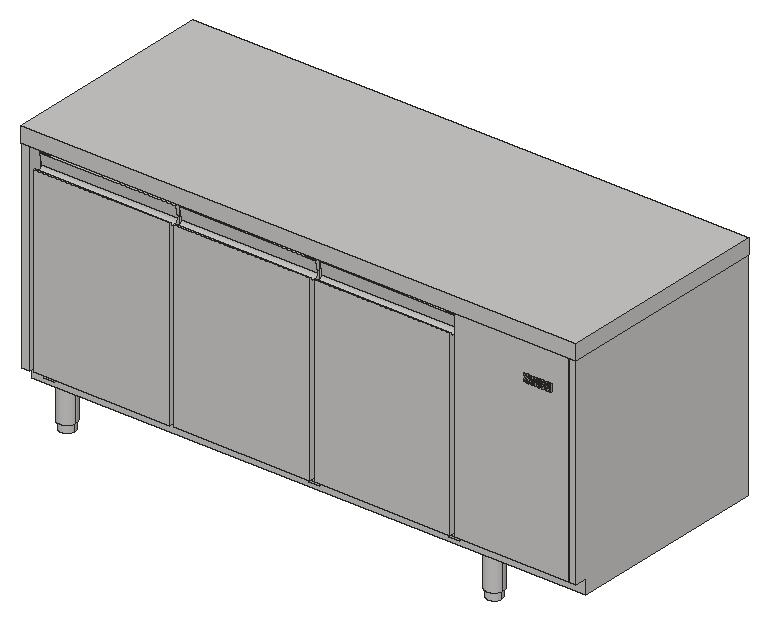
Revit family "QF_ZANUSSI_111040_ZH3HDAAA", category Specialty Equipment, Revit 2018 (continued)
Definition of nested family "ZAN_Cooling Unit"
  Lines and regions (mm)
    Split face 131
      outline origin (110.032, 2, -125.094) x (0, 0, 1) y (-1, 0, 0)
        loop
          arc (510.649, 158.547) -> (506.648, 162.548) -> (502.647, 158.547) r 4.001
          line (502.647, 158.547) -> (502.647, 116.535)
          arc (502.647, 116.535) -> (506.648, 112.533) -> (510.649, 116.535) r 4.001
          line (510.649, 116.535) -> (510.649, 158.547)
    Split face 132
      outline origin (110.032, 2, -137.098) x (0, 0, 1) y (-1, 0, 0)
        loop
          arc (510.649, 158.547) -> (506.648, 162.548) -> (502.647, 158.547) r 4.001
          line (502.647, 158.547) -> (502.647, 116.535)
          arc (502.647, 116.535) -> (506.648, 112.533) -> (510.649, 116.535) r 4.001
          line (510.649, 116.535) -> (510.649, 158.547)
    Split face 133
      outline origin (110.032, 2, -149.101) x (0, 0, 1) y (-1, 0, 0)
        loop
          arc (510.649, 158.547) -> (506.648, 162.548) -> (502.647, 158.547) r 4.001
          line (502.647, 158.547) -> (502.647, 116.535)
          arc (502.647, 116.535) -> (506.648, 112.533) -> (510.649, 116.535) r 4.001
          line (510.649, 116.535) -> (510.649, 158.547)
    Split face 134
      outline origin (110.032, 2, -161.105) x (0, 0, 1) y (-1, 0, 0)
        loop
          arc (510.649, 158.547) -> (506.648, 162.548) -> (502.647, 158.547) r 4.001
          line (502.647, 158.547) -> (502.647, 116.535)
          arc (502.647, 116.535) -> (506.648, 112.533) -> (510.649, 116.535) r 4.001
          line (510.649, 116.535) -> (510.649, 158.547)
    Split face 135
      outline origin (110.032, 2, -173.108) x (0, 0, 1) y (-1, 0, 0)
        loop
          arc (510.649, 158.547) -> (506.648, 162.548) -> (502.647, 158.547) r 4.001
          line (502.647, 158.547) -> (502.647, 116.535)
          arc (502.647, 116.535) -> (506.648, 112.533) -> (510.649, 116.535) r 4.001
          line (510.649, 116.535) -> (510.649, 158.547)
    Split face 136
      outline origin (110.032, 2, -185.112) x (0, 0, 1) y (-1, 0, 0)
        loop
          arc (510.649, 158.547) -> (506.648, 162.548) -> (502.647, 158.547) r 4.001
          line (502.647, 158.547) -> (502.647, 116.535)
          arc (502.647, 116.535) -> (506.648, 112.533) -> (510.649, 116.535) r 4.001
          line (510.649, 116.535) -> (510.649, 158.547)
    Split face 137
      outline origin (110.032, 2, -197.115) x (0, 0, 1) y (-1, 0, 0)
        loop
          arc (510.649, 158.547) -> (506.648, 162.548) -> (502.647, 158.547) r 4.001
          line (502.647, 158.547) -> (502.647, 116.535)
          arc (502.647, 116.535) -> (506.648, 112.533) -> (510.649, 116.535) r 4.001
          line (510.649, 116.535) -> (510.649, 158.547)
    Split face 138
      outline origin (110.032, 2, -209.119) x (0, 0, 1) y (-1, 0, 0)
        loop
          arc (510.649, 158.547) -> (506.648, 162.548) -> (502.647, 158.547) r 4.001
          line (502.647, 158.547) -> (502.647, 116.535)
          arc (502.647, 116.535) -> (506.648, 112.533) -> (510.649, 116.535) r 4.001
          line (510.649, 116.535) -> (510.649, 158.547)
    Split face 139
      outline origin (110.032, 2, -221.122) x (0, 0, 1) y (-1, 0, 0)
        loop
          arc (510.649, 158.547) -> (506.648, 162.548) -> (502.647, 158.547) r 4.001
          line (502.647, 158.547) -> (502.647, 116.535)
          arc (502.647, 116.535) -> (506.648, 112.533) -> (510.649, 116.535) r 4.001
          line (510.649, 116.535) -> (510.649, 158.547)
    Split face 140
      outline origin (110.032, 2, -233.126) x (0, 0, 1) y (-1, 0, 0)
        loop
          arc (510.649, 158.547) -> (506.648, 162.548) -> (502.647, 158.547) r 4.001
          line (502.647, 158.547) -> (502.647, 116.535)
          arc (502.647, 116.535) -> (506.648, 112.533) -> (510.649, 116.535) r 4.001
          line (510.649, 116.535) -> (510.649, 158.547)
    Split face 141
      outline origin (110.032, 2, -245.129) x (0, 0, 1) y (-1, 0, 0)
        loop
          arc (510.649, 158.547) -> (506.648, 162.548) -> (502.647, 158.547) r 4.001
          line (502.647, 158.547) -> (502.647, 116.535)
          arc (502.647, 116.535) -> (506.648, 112.533) -> (510.649, 116.535) r 4.001
          line (510.649, 116.535) -> (510.649, 158.547)
    Split face 142
      outline origin (110.032, 2, -257.133) x (0, 0, 1) y (-1, 0, 0)
        loop
          arc (510.649, 158.547) -> (506.648, 162.548) -> (502.647, 158.547) r 4.001
          line (502.647, 158.547) -> (502.647, 116.535)
          arc (502.647, 116.535) -> (506.648, 112.533) -> (510.649, 116.535) r 4.001
          line (510.649, 116.535) -> (510.649, 158.547)
    Split face 143
      outline origin (110.032, 2, -269.136) x (0, 0, 1) y (-1, 0, 0)
        loop
          arc (510.649, 158.547) -> (506.648, 162.548) -> (502.647, 158.547) r 4.001
          line (502.647, 158.547) -> (502.647, 116.535)
          arc (502.647, 116.535) -> (506.648, 112.533) -> (510.649, 116.535) r 4.001
          line (510.649, 116.535) -> (510.649, 158.547)
    Split face 144
      outline origin (110.032, 2, -281.14) x (0, 0, 1) y (-1, 0, 0)
        loop
          arc (510.649, 158.547) -> (506.648, 162.548) -> (502.647, 158.547) r 4.001
          line (502.647, 158.547) -> (502.647, 116.535)
          arc (502.647, 116.535) -> (506.648, 112.533) -> (510.649, 116.535) r 4.001
          line (510.649, 116.535) -> (510.649, 158.547)
    Split face 145
      outline origin (110.032, 2, -293.144) x (0, 0, 1) y (-1, 0, 0)
        loop
          arc (510.649, 158.547) -> (506.648, 162.548) -> (502.647, 158.547) r 4.001
          line (502.647, 158.547) -> (502.647, 116.535)
          arc (502.647, 116.535) -> (506.648, 112.533) -> (510.649, 116.535) r 4.001
          line (510.649, 116.535) -> (510.649, 158.547)
    Split face 146
      outline origin (165.048, 2, -113.091) x (0, 0, 1) y (-1, 0, 0)
        loop
          arc (510.649, 158.547) -> (506.648, 162.548) -> (502.647, 158.547) r 4.001
          line (502.647, 158.547) -> (502.647, 116.535)
          arc (502.647, 116.535) -> (506.648, 112.533) -> (510.649, 116.535) r 4.001
          line (510.649, 116.535) -> (510.649, 158.547)
    Split face 147
      outline origin (165.048, 2, -125.094) x (0, 0, 1) y (-1, 0, 0)
        loop
          arc (510.649, 158.547) -> (506.648, 162.548) -> (502.647, 158.547) r 4.001
          line (502.647, 158.547) -> (502.647, 116.535)
          arc (502.647, 116.535) -> (506.648, 112.533) -> (510.649, 116.535) r 4.001
          line (510.649, 116.535) -> (510.649, 158.547)
    Split face 148
      outline origin (165.048, 2, -137.098) x (0, 0, 1) y (-1, 0, 0)
        loop
          arc (510.649, 158.547) -> (506.648, 162.548) -> (502.647, 158.547) r 4.001
          line (502.647, 158.547) -> (502.647, 116.535)
          arc (502.647, 116.535) -> (506.648, 112.533) -> (510.649, 116.535) r 4.001
          line (510.649, 116.535) -> (510.649, 158.547)
    Split face 149
      outline origin (165.048, 2, -149.101) x (0, 0, 1) y (-1, 0, 0)
        loop
          arc (510.649, 158.547) -> (506.648, 162.548) -> (502.647, 158.547) r 4.001
          line (502.647, 158.547) -> (502.647, 116.535)
          arc (502.647, 116.535) -> (506.648, 112.533) -> (510.649, 116.535) r 4.001
          line (510.649, 116.535) -> (510.649, 158.547)
    Split face 150
      outline origin (165.048, 2, -161.105) x (0, 0, 1) y (-1, 0, 0)
        loop
          arc (510.649, 158.547) -> (506.648, 162.548) -> (502.647, 158.547) r 4.001
          line (502.647, 158.547) -> (502.647, 116.535)
          arc (502.647, 116.535) -> (506.648, 112.533) -> (510.649, 116.535) r 4.001
          line (510.649, 116.535) -> (510.649, 158.547)
    Split face 151
      outline origin (165.048, 2, -173.108) x (0, 0, 1) y (-1, 0, 0)
        loop
          arc (510.649, 158.547) -> (506.648, 162.548) -> (502.647, 158.547) r 4.001
          line (502.647, 158.547) -> (502.647, 116.535)
          arc (502.647, 116.535) -> (506.648, 112.533) -> (510.649, 116.535) r 4.001
          line (510.649, 116.535) -> (510.649, 158.547)
    Split face 152
      outline origin (165.048, 2, -185.112) x (0, 0, 1) y (-1, 0, 0)
        loop
          arc (510.649, 158.547) -> (506.648, 162.548) -> (502.647, 158.547) r 4.001
          line (502.647, 158.547) -> (502.647, 116.535)
          arc (502.647, 116.535) -> (506.648, 112.533) -> (510.649, 116.535) r 4.001
          line (510.649, 116.535) -> (510.649, 158.547)
    Split face 153
      outline origin (165.048, 2, -197.115) x (0, 0, 1) y (-1, 0, 0)
        loop
          arc (510.649, 158.547) -> (506.648, 162.548) -> (502.647, 158.547) r 4.001
          line (502.647, 158.547) -> (502.647, 116.535)
          arc (502.647, 116.535) -> (506.648, 112.533) -> (510.649, 116.535) r 4.001
          line (510.649, 116.535) -> (510.649, 158.547)
    Split face 154
      outline origin (165.048, 2, -209.119) x (0, 0, 1) y (-1, 0, 0)
        loop
          arc (510.649, 158.547) -> (506.648, 162.548) -> (502.647, 158.547) r 4.001
          line (502.647, 158.547) -> (502.647, 116.535)
          arc (502.647, 116.535) -> (506.648, 112.533) -> (510.649, 116.535) r 4.001
          line (510.649, 116.535) -> (510.649, 158.547)
    Split face 155
      outline origin (165.048, 2, -221.122) x (0, 0, 1) y (-1, 0, 0)
        loop
          arc (510.649, 158.547) -> (506.648, 162.548) -> (502.647, 158.547) r 4.001
          line (502.647, 158.547) -> (502.647, 116.535)
          arc (502.647, 116.535) -> (506.648, 112.533) -> (510.649, 116.535) r 4.001
          line (510.649, 116.535) -> (510.649, 158.547)
    Split face 156
      outline origin (165.048, 2, -233.126) x (0, 0, 1) y (-1, 0, 0)
        loop
          arc (510.649, 158.547) -> (506.648, 162.548) -> (502.647, 158.547) r 4.001
          line (502.647, 158.547) -> (502.647, 116.535)
          arc (502.647, 116.535) -> (506.648, 112.533) -> (510.649, 116.535) r 4.001
          line (510.649, 116.535) -> (510.649, 158.547)
    Split face 157
      outline origin (165.048, 2, -245.129) x (0, 0, 1) y (-1, 0, 0)
        loop
          arc (510.649, 158.547) -> (506.648, 162.548) -> (502.647, 158.547) r 4.001
          line (502.647, 158.547) -> (502.647, 116.535)
          arc (502.647, 116.535) -> (506.648, 112.533) -> (510.649, 116.535) r 4.001
          line (510.649, 116.535) -> (510.649, 158.547)
    Split face 158
      outline origin (165.048, 2, -257.133) x (0, 0, 1) y (-1, 0, 0)
        loop
          arc (510.649, 158.547) -> (506.648, 162.548) -> (502.647, 158.547) r 4.001
          line (502.647, 158.547) -> (502.647, 116.535)
          arc (502.647, 116.535) -> (506.648, 112.533) -> (510.649, 116.535) r 4.001
          line (510.649, 116.535) -> (510.649, 158.547)
    Split face 159
      outline origin (165.048, 2, -269.136) x (0, 0, 1) y (-1, 0, 0)
        loop
          arc (510.649, 158.547) -> (506.648, 162.548) -> (502.647, 158.547) r 4.001
          line (502.647, 158.547) -> (502.647, 116.535)
          arc (502.647, 116.535) -> (506.648, 112.533) -> (510.649, 116.535) r 4.001
          line (510.649, 116.535) -> (510.649, 158.547)
    Split face 160
      outline origin (165.048, 2, -281.14) x (0, 0, 1) y (-1, 0, 0)
        loop
          arc (510.649, 158.547) -> (506.648, 162.548) -> (502.647, 158.547) r 4.001
          line (502.647, 158.547) -> (502.647, 116.535)
          arc (502.647, 116.535) -> (506.648, 112.533) -> (510.649, 116.535) r 4.001
          line (510.649, 116.535) -> (510.649, 158.547)
    Split face 161
      outline origin (165.048, 2, -293.144) x (0, 0, 1) y (-1, 0, 0)
        loop
          arc (510.649, 158.547) -> (506.648, 162.548) -> (502.647, 158.547) r 4.001
          line (502.647, 158.547) -> (502.647, 116.535)
          arc (502.647, 116.535) -> (506.648, 112.533) -> (510.649, 116.535) r 4.001
          line (510.649, 116.535) -> (510.649, 158.547)
    Split face 162
      outline origin (220.064, 2, -113.091) x (0, 0, 1) y (-1, 0, 0)
        loop
          arc (510.649, 158.547) -> (506.648, 162.548) -> (502.647, 158.547) r 4.001
          line (502.647, 158.547) -> (502.647, 116.535)
          arc (502.647, 116.535) -> (506.648, 112.533) -> (510.649, 116.535) r 4.001
          line (510.649, 116.535) -> (510.649, 158.547)
    Split face 163
      outline origin (220.064, 2, -125.094) x (0, 0, 1) y (-1, 0, 0)
        loop
          arc (510.649, 158.547) -> (506.648, 162.548) -> (502.647, 158.547) r 4.001
          line (502.647, 158.547) -> (502.647, 116.535)
          arc (502.647, 116.535) -> (506.648, 112.533) -> (510.649, 116.535) r 4.001
          line (510.649, 116.535) -> (510.649, 158.547)
    Split face 164
      outline origin (220.064, 2, -137.098) x (0, 0, 1) y (-1, 0, 0)
        loop
          arc (510.649, 158.547) -> (506.648, 162.548) -> (502.647, 158.547) r 4.001
          line (502.647, 158.547) -> (502.647, 116.535)
          arc (502.647, 116.535) -> (506.648, 112.533) -> (510.649, 116.535) r 4.001
          line (510.649, 116.535) -> (510.649, 158.547)
    Split face 165
      outline origin (220.064, 2, -149.101) x (0, 0, 1) y (-1, 0, 0)
        loop
          arc (510.649, 158.547) -> (506.648, 162.548) -> (502.647, 158.547) r 4.001
          line (502.647, 158.547) -> (502.647, 116.535)
          arc (502.647, 116.535) -> (506.648, 112.533) -> (510.649, 116.535) r 4.001
          line (510.649, 116.535) -> (510.649, 158.547)
    Split face 166
      outline origin (220.064, 2, -161.105) x (0, 0, 1) y (-1, 0, 0)
        loop
          arc (510.649, 158.547) -> (506.648, 162.548) -> (502.647, 158.547) r 4.001
          line (502.647, 158.547) -> (502.647, 116.535)
          arc (502.647, 116.535) -> (506.648, 112.533) -> (510.649, 116.535) r 4.001
          line (510.649, 116.535) -> (510.649, 158.547)
    Split face 167
      outline origin (220.064, 2, -173.108) x (0, 0, 1) y (-1, 0, 0)
        loop
          arc (510.649, 158.547) -> (506.648, 162.548) -> (502.647, 158.547) r 4.001
          line (502.647, 158.547) -> (502.647, 116.535)
          arc (502.647, 116.535) -> (506.648, 112.533) -> (510.649, 116.535) r 4.001
          line (510.649, 116.535) -> (510.649, 158.547)
    Split face 168
      outline origin (220.064, 2, -185.112) x (0, 0, 1) y (-1, 0, 0)
        loop
          arc (510.649, 158.547) -> (506.648, 162.548) -> (502.647, 158.547) r 4.001
          line (502.647, 158.547) -> (502.647, 116.535)
          arc (502.647, 116.535) -> (506.648, 112.533) -> (510.649, 116.535) r 4.001
          line (510.649, 116.535) -> (510.649, 158.547)
    Split face 169
      outline origin (220.064, 2, -197.115) x (0, 0, 1) y (-1, 0, 0)
        loop
          arc (510.649, 158.547) -> (506.648, 162.548) -> (502.647, 158.547) r 4.001
          line (502.647, 158.547) -> (502.647, 116.535)
          arc (502.647, 116.535) -> (506.648, 112.533) -> (510.649, 116.535) r 4.001
          line (510.649, 116.535) -> (510.649, 158.547)
    Split face 170
      outline origin (220.064, 2, -209.119) x (0, 0, 1) y (-1, 0, 0)
        loop
          arc (510.649, 158.547) -> (506.648, 162.548) -> (502.647, 158.547) r 4.001
          line (502.647, 158.547) -> (502.647, 116.535)
          arc (502.647, 116.535) -> (506.648, 112.533) -> (510.649, 116.535) r 4.001
          line (510.649, 116.535) -> (510.649, 158.547)
    Split face 171
      outline origin (220.064, 2, -221.122) x (0, 0, 1) y (-1, 0, 0)
        loop
          arc (510.649, 158.547) -> (506.648, 162.548) -> (502.647, 158.547) r 4.001
          line (502.647, 158.547) -> (502.647, 116.535)
          arc (502.647, 116.535) -> (506.648, 112.533) -> (510.649, 116.535) r 4.001
          line (510.649, 116.535) -> (510.649, 158.547)
    Split face 172
      outline origin (220.064, 2, -233.126) x (0, 0, 1) y (-1, 0, 0)
        loop
          arc (510.649, 158.547) -> (506.648, 162.548) -> (502.647, 158.547) r 4.001
          line (502.647, 158.547) -> (502.647, 116.535)
          arc (502.647, 116.535) -> (506.648, 112.533) -> (510.649, 116.535) r 4.001
          line (510.649, 116.535) -> (510.649, 158.547)
    Split face 173
      outline origin (220.064, 2, -245.129) x (0, 0, 1) y (-1, 0, 0)
        loop
          arc (510.649, 158.547) -> (506.648, 162.548) -> (502.647, 158.547) r 4.001
          line (502.647, 158.547) -> (502.647, 116.535)
          arc (502.647, 116.535) -> (506.648, 112.533) -> (510.649, 116.535) r 4.001
          line (510.649, 116.535) -> (510.649, 158.547)
    Split face 174
      outline origin (220.064, 2, -257.133) x (0, 0, 1) y (-1, 0, 0)
        loop
          arc (510.649, 158.547) -> (506.648, 162.548) -> (502.647, 158.547) r 4.001
          line (502.647, 158.547) -> (502.647, 116.535)
          arc (502.647, 116.535) -> (506.648, 112.533) -> (510.649, 116.535) r 4.001
          line (510.649, 116.535) -> (510.649, 158.547)
    Split face 175
      outline origin (220.064, 2, -269.136) x (0, 0, 1) y (-1, 0, 0)
        loop
          arc (510.649, 158.547) -> (506.648, 162.548) -> (502.647, 158.547) r 4.001
          line (502.647, 158.547) -> (502.647, 116.535)
          arc (502.647, 116.535) -> (506.648, 112.533) -> (510.649, 116.535) r 4.001
          line (510.649, 116.535) -> (510.649, 158.547)
    Split face 176
      outline origin (220.064, 2, -281.14) x (0, 0, 1) y (-1, 0, 0)
        loop
          arc (510.649, 158.547) -> (506.648, 162.548) -> (502.647, 158.547) r 4.001
          line (502.647, 158.547) -> (502.647, 116.535)
          arc (502.647, 116.535) -> (506.648, 112.533) -> (510.649, 116.535) r 4.001
          line (510.649, 116.535) -> (510.649, 158.547)
    Split face 177
      outline origin (220.064, 2, -293.144) x (0, 0, 1) y (-1, 0, 0)
        loop
          arc (510.649, 158.547) -> (506.648, 162.548) -> (502.647, 158.547) r 4.001
          line (502.647, 158.547) -> (502.647, 116.535)
          arc (502.647, 116.535) -> (506.648, 112.533) -> (510.649, 116.535) r 4.001
          line (510.649, 116.535) -> (510.649, 158.547)
    Split face 178
      outline origin (275.081, 2, -113.091) x (0, 0, 1) y (-1, 0, 0)
        loop
          arc (510.649, 158.547) -> (506.648, 162.548) -> (502.647, 158.547) r 4.001
          line (502.647, 158.547) -> (502.647, 116.535)
          arc (502.647, 116.535) -> (506.648, 112.533) -> (510.649, 116.535) r 4.001
          line (510.649, 116.535) -> (510.649, 158.547)
    Split face 179
      outline origin (275.081, 2, -125.094) x (0, 0, 1) y (-1, 0, 0)
        loop
          arc (510.649, 158.547) -> (506.648, 162.548) -> (502.647, 158.547) r 4.001
          line (502.647, 158.547) -> (502.647, 116.535)
          arc (502.647, 116.535) -> (506.648, 112.533) -> (510.649, 116.535) r 4.001
          line (510.649, 116.535) -> (510.649, 158.547)
    Split face 180
      outline origin (275.081, 2, -137.098) x (0, 0, 1) y (-1, 0, 0)
        loop
          arc (510.649, 158.547) -> (506.648, 162.548) -> (502.647, 158.547) r 4.001
          line (502.647, 158.547) -> (502.647, 116.535)
          arc (502.647, 116.535) -> (506.648, 112.533) -> (510.649, 116.535) r 4.001
          line (510.649, 116.535) -> (510.649, 158.547)
    Split face 181
      outline origin (275.081, 2, -149.101) x (0, 0, 1) y (-1, 0, 0)
        loop
          arc (510.649, 158.547) -> (506.648, 162.548) -> (502.647, 158.547) r 4.001
          line (502.647, 158.547) -> (502.647, 116.535)
          arc (502.647, 116.535) -> (506.648, 112.533) -> (510.649, 116.535) r 4.001
          line (510.649, 116.535) -> (510.649, 158.547)
    Split face 182
      outline origin (275.081, 2, -161.105) x (0, 0, 1) y (-1, 0, 0)
        loop
          arc (510.649, 158.547) -> (506.648, 162.548) -> (502.647, 158.547) r 4.001
          line (502.647, 158.547) -> (502.647, 116.535)
          arc (502.647, 116.535) -> (506.648, 112.533) -> (510.649, 116.535) r 4.001
          line (510.649, 116.535) -> (510.649, 158.547)
    Split face 183
      outline origin (275.081, 2, -173.108) x (0, 0, 1) y (-1, 0, 0)
        loop
          arc (510.649, 158.547) -> (506.648, 162.548) -> (502.647, 158.547) r 4.001
          line (502.647, 158.547) -> (502.647, 116.535)
          arc (502.647, 116.535) -> (506.648, 112.533) -> (510.649, 116.535) r 4.001
          line (510.649, 116.535) -> (510.649, 158.547)
    Split face 184
      outline origin (275.081, 2, -185.112) x (0, 0, 1) y (-1, 0, 0)
        loop
          arc (510.649, 158.547) -> (506.648, 162.548) -> (502.647, 158.547) r 4.001
          line (502.647, 158.547) -> (502.647, 116.535)
          arc (502.647, 116.535) -> (506.648, 112.533) -> (510.649, 116.535) r 4.001
          line (510.649, 116.535) -> (510.649, 158.547)
    Split face 185
      outline origin (275.081, 2, -197.115) x (0, 0, 1) y (-1, 0, 0)
        loop
          arc (510.649, 158.547) -> (506.648, 162.548) -> (502.647, 158.547) r 4.001
          line (502.647, 158.547) -> (502.647, 116.535)
          arc (502.647, 116.535) -> (506.648, 112.533) -> (510.649, 116.535) r 4.001
          line (510.649, 116.535) -> (510.649, 158.547)
    Split face 186
      outline origin (275.081, 2, -209.119) x (0, 0, 1) y (-1, 0, 0)
        loop
          arc (510.649, 158.547) -> (506.648, 162.548) -> (502.647, 158.547) r 4.001
          line (502.647, 158.547) -> (502.647, 116.535)
          arc (502.647, 116.535) -> (506.648, 112.533) -> (510.649, 116.535) r 4.001
          line (510.649, 116.535) -> (510.649, 158.547)
    Split face 187
      outline origin (275.081, 2, -221.122) x (0, 0, 1) y (-1, 0, 0)
        loop
          arc (510.649, 158.547) -> (506.648, 162.548) -> (502.647, 158.547) r 4.001
          line (502.647, 158.547) -> (502.647, 116.535)
          arc (502.647, 116.535) -> (506.648, 112.533) -> (510.649, 116.535) r 4.001
          line (510.649, 116.535) -> (510.649, 158.547)
    Split face 188
      outline origin (275.081, 2, -233.126) x (0, 0, 1) y (-1, 0, 0)
        loop
          arc (510.649, 158.547) -> (506.648, 162.548) -> (502.647, 158.547) r 4.001
          line (502.647, 158.547) -> (502.647, 116.535)
          arc (502.647, 116.535) -> (506.648, 112.533) -> (510.649, 116.535) r 4.001
          line (510.649, 116.535) -> (510.649, 158.547)
    Split face 189
      outline origin (275.081, 2, -245.129) x (0, 0, 1) y (-1, 0, 0)
        loop
          arc (510.649, 158.547) -> (506.648, 162.548) -> (502.647, 158.547) r 4.001
          line (502.647, 158.547) -> (502.647, 116.535)
          arc (502.647, 116.535) -> (506.648, 112.533) -> (510.649, 116.535) r 4.001
          line (510.649, 116.535) -> (510.649, 158.547)
    Split face 190
      outline origin (275.081, 2, -257.133) x (0, 0, 1) y (-1, 0, 0)
        loop
          arc (510.649, 158.547) -> (506.648, 162.548) -> (502.647, 158.547) r 4.001
          line (502.647, 158.547) -> (502.647, 116.535)
          arc (502.647, 116.535) -> (506.648, 112.533) -> (510.649, 116.535) r 4.001
          line (510.649, 116.535) -> (510.649, 158.547)
    Split face 191
      outline origin (275.081, 2, -269.136) x (0, 0, 1) y (-1, 0, 0)
        loop
          arc (510.649, 158.547) -> (506.648, 162.548) -> (502.647, 158.547) r 4.001
          line (502.647, 158.547) -> (502.647, 116.535)
          arc (502.647, 116.535) -> (506.648, 112.533) -> (510.649, 116.535) r 4.001
          line (510.649, 116.535) -> (510.649, 158.547)
    Split face 192
      outline origin (275.081, 2, -281.14) x (0, 0, 1) y (-1, 0, 0)
        loop
          arc (510.649, 158.547) -> (506.648, 162.548) -> (502.647, 158.547) r 4.001
          line (502.647, 158.547) -> (502.647, 116.535)
          arc (502.647, 116.535) -> (506.648, 112.533) -> (510.649, 116.535) r 4.001
          line (510.649, 116.535) -> (510.649, 158.547)
    Split face 193
      outline origin (275.081, 2, -293.144) x (0, 0, 1) y (-1, 0, 0)
        loop
          arc (510.649, 158.547) -> (506.648, 162.548) -> (502.647, 158.547) r 4.001
          line (502.647, 158.547) -> (502.647, 116.535)
          arc (502.647, 116.535) -> (506.648, 112.533) -> (510.649, 116.535) r 4.001
          line (510.649, 116.535) -> (510.649, 158.547)
    Split face 194
      outline origin (0, 2, 197) x (0, 0, 1) y (-1, 0, 0)
        loop
          spline (566.835, 20.381) -> (564.628, 19.058) -> (561.987, 18.027) -> (558.955, 17.386) -> (555.581, 17.244) -> (551.912, 17.703) -> (547.993, 18.863) -> (543.871, 20.83) -> (539.591, 23.706) -> (535.202, 27.594) -> (530.748, 32.597) -> (526.28, 38.824) -> (521.835, 46.362)
        loop
          spline (521.835, 58.392) -> (525.386, 49.242) -> (529.197, 41.481) -> (533.2, 35.023) -> (537.329, 29.786) -> (541.516, 25.684) -> (545.695, 22.634) -> (549.798, 20.552) -> (553.759, 19.355) -> (557.511, 18.958) -> (560.984, 19.275) -> (564.115, 20.227) -> (566.835, 21.726)
    Split face 195
      outline origin (0, 2, 197) x (0, 0, 1) y (-1, 0, 0)
        loop
          line (555.835, 149.5) -> (532.835, 149.5) -> (532.835, 94.5) -> (555.835, 94.5) -> (555.835, 149.5)
  Dimensions and locks
    aligned and locked: level to plane 2
  Nested families
    nested 1: "ZAN_Logo_S_Grey" at (85, 2, 741.213) x (1, 0, 0) z (0, -1, 0), visible <- "Show Logo", type "ZAN_Logo_S_Grey"
  Definition of nested family "ZAN_Logo_S_Grey"
    Parameters
      Default Elevation = 0 mm
    Reference planes
      plane 1 "Centro (Fronte/Retro)": y = 0
      plane 2: z = 0
      plane 3 "Centro (Sinistra/Destra)": x = 0
    Forms (mm)
      Extrusion 1, solid
        sketch origin (0, 0, 0) x (1, 0, 0) y (0, 1, 0)
          loop
            line (-1219.2, 1219.2) -> (-1219.2, -1219.2) -> (1219.2, -1219.2) -> (1219.2, 1219.2) -> (-1219.2, 1219.2)
        from 0 to -304.8
      Extrusion 2, solid
        sketch origin (17.793, -46.218, 0) x (-1, 0, 0) y (0, -1, 0)
          loop
            spline (-4.176, -58.079) -> (-3.496, -58.328) -> (-2.793, -58.512) -> (-2.075, -58.63) -> (-1.348, -58.682) -> (-0.619, -58.669) -> (0.106, -58.588) -> (0.818, -58.44) -> (1.512, -58.225) -> (2.18, -57.941) -> (2.817, -57.589) -> (3.414, -57.167) -> (3.966, -56.676)
            spline (3.966, -56.676) -> (4.293, -56.162) -> (4.575, -55.61) -> (4.81, -55.026) -> (5, -54.419) -> (5.146, -53.797) -> (5.247, -53.166) -> (5.304, -52.536) -> (5.318, -51.913) -> (5.288, -51.306) -> (5.217, -50.723) -> (5.103, -50.17) -> (4.949, -49.657)
            line (4.949, -49.657) -> (2.702, -46.428) -> (0.316, -44.323)
            spline (0.316, -44.323) -> (0.065, -44.115) -> (-0.195, -43.909) -> (-0.46, -43.704) -> (-0.729, -43.496) -> (-0.997, -43.282) -> (-1.263, -43.059) -> (-1.523, -42.825) -> (-1.774, -42.576) -> (-2.013, -42.309) -> (-2.238, -42.022) -> (-2.445, -41.712) -> (-2.632, -41.375)
            spline (-2.632, -41.375) -> (-2.666, -41.159) -> (-2.697, -40.934) -> (-2.722, -40.701) -> (-2.736, -40.465) -> (-2.736, -40.227) -> (-2.72, -39.989) -> (-2.682, -39.754) -> (-2.621, -39.524) -> (-2.533, -39.302) -> (-2.414, -39.091) -> (-2.261, -38.892) -> (-2.07, -38.708)
            line (-2.07, -38.708) -> (-0.245, -38.567)
            spline (-0.245, -38.567) -> (0.096, -38.8) -> (0.354, -39.074) -> (0.54, -39.381) -> (0.664, -39.716) -> (0.738, -40.073) -> (0.772, -40.445) -> (0.777, -40.825) -> (0.763, -41.208) -> (0.742, -41.588) -> (0.723, -41.957) -> (0.718, -42.309) -> (0.737, -42.638)
            line (0.737, -42.638) -> (5.65, -42.638)
            spline (5.65, -42.638) -> (5.708, -42.042) -> (5.741, -41.448) -> (5.747, -40.857) -> (5.723, -40.273) -> (5.668, -39.696) -> (5.58, -39.129) -> (5.457, -38.574) -> (5.297, -38.032) -> (5.098, -37.506) -> (4.857, -36.997) -> (4.574, -36.508) -> (4.247, -36.041)
            spline (4.247, -36.041) -> (3.844, -35.675) -> (3.409, -35.35) -> (2.946, -35.065) -> (2.458, -34.819) -> (1.949, -34.612) -> (1.421, -34.444) -> (0.88, -34.314) -> (0.326, -34.221) -> (-0.234, -34.165) -> (-0.8, -34.146) -> (-1.366, -34.163) -> (-1.93, -34.216)
            spline (-1.93, -34.216) -> (-2.526, -34.309) -> (-3.116, -34.448) -> (-3.695, -34.633) -> (-4.259, -34.861) -> (-4.801, -35.131) -> (-5.316, -35.444) -> (-5.799, -35.798) -> (-6.245, -36.191) -> (-6.648, -36.624) -> (-7.002, -37.095) -> (-7.303, -37.603) -> (-7.545, -38.146)
            spline (-7.545, -38.146) -> (-7.694, -38.815) -> (-7.792, -39.487) -> (-7.839, -40.158) -> (-7.836, -40.824) -> (-7.785, -41.482) -> (-7.685, -42.129) -> (-7.539, -42.762) -> (-7.347, -43.377) -> (-7.111, -43.97) -> (-6.83, -44.538) -> (-6.506, -45.078) -> (-6.141, -45.586)
            line (-6.141, -45.586) -> (-0.526, -50.64) -> (0.176, -51.482)
            spline (0.176, -51.482) -> (0.248, -51.66) -> (0.323, -51.843) -> (0.397, -52.03) -> (0.467, -52.22) -> (0.529, -52.412) -> (0.579, -52.605) -> (0.615, -52.798) -> (0.633, -52.989) -> (0.63, -53.179) -> (0.601, -53.366) -> (0.545, -53.55) -> (0.456, -53.728)
            spline (0.456, -53.728) -> (0.375, -53.892) -> (0.273, -54.034) -> (0.154, -54.155) -> (0.02, -54.258) -> (-0.126, -54.343) -> (-0.28, -54.412) -> (-0.441, -54.466) -> (-0.604, -54.508) -> (-0.767, -54.537) -> (-0.928, -54.556) -> (-1.082, -54.567) -> (-1.228, -54.57)
            line (-1.228, -54.57) -> (-2.632, -53.587) -> (-2.772, -50.64) -> (-7.405, -50.64)
            spline (-7.405, -50.64) -> (-7.41, -51.031) -> (-7.423, -51.432) -> (-7.44, -51.839) -> (-7.456, -52.251) -> (-7.469, -52.665) -> (-7.475, -53.079) -> (-7.468, -53.489) -> (-7.446, -53.894) -> (-7.404, -54.291) -> (-7.339, -54.679) -> (-7.247, -55.053) -> (-7.123, -55.412)
            spline (-7.123, -55.412) -> (-6.999, -55.693) -> (-6.837, -55.97) -> (-6.643, -56.244) -> (-6.422, -56.509) -> (-6.177, -56.765) -> (-5.913, -57.009) -> (-5.634, -57.238) -> (-5.346, -57.45) -> (-5.051, -57.643) -> (-4.755, -57.814) -> (-4.462, -57.96) -> (-4.176, -58.079)
          loop
            spline (-21.021, -55.552) -> (-20.633, -56.181) -> (-20.177, -56.736) -> (-19.661, -57.217) -> (-19.092, -57.627) -> (-18.478, -57.966) -> (-17.827, -58.237) -> (-17.147, -58.441) -> (-16.446, -58.578) -> (-15.73, -58.652) -> (-15.009, -58.662) -> (-14.29, -58.611) -> (-13.581, -58.5)
            spline (-13.581, -58.5) -> (-13.088, -58.407) -> (-12.595, -58.269) -> (-12.109, -58.088) -> (-11.636, -57.866) -> (-11.183, -57.605) -> (-10.756, -57.307) -> (-10.361, -56.974) -> (-10.004, -56.608) -> (-9.692, -56.211) -> (-9.431, -55.784) -> (-9.228, -55.33) -> (-9.089, -54.851)
            spline (-9.089, -54.851) -> (-8.873, -54.211) -> (-8.715, -53.559) -> (-8.615, -52.901) -> (-8.574, -52.241) -> (-8.592, -51.585) -> (-8.668, -50.938) -> (-8.802, -50.306) -> (-8.995, -49.693) -> (-9.247, -49.106) -> (-9.557, -48.55) -> (-9.925, -48.03) -> (-10.352, -47.551)
            line (-10.352, -47.551) -> (-15.546, -42.919) -> (-16.669, -41.234)
            spline (-16.669, -41.234) -> (-16.704, -41.021) -> (-16.735, -40.804) -> (-16.761, -40.583) -> (-16.778, -40.361) -> (-16.784, -40.139) -> (-16.774, -39.919) -> (-16.748, -39.701) -> (-16.7, -39.488) -> (-16.63, -39.28) -> (-16.533, -39.08) -> (-16.406, -38.889) -> (-16.248, -38.708)
            line (-16.248, -38.708) -> (-14.844, -38.427)
            spline (-14.844, -38.427) -> (-14.347, -38.545) -> (-13.969, -38.749) -> (-13.695, -39.028) -> (-13.508, -39.368) -> (-13.393, -39.757) -> (-13.335, -40.182) -> (-13.318, -40.63) -> (-13.326, -41.089) -> (-13.344, -41.546) -> (-13.356, -41.988) -> (-13.347, -42.403) -> (-13.3, -42.779)
            line (-13.3, -42.779) -> (-8.387, -42.638)
            spline (-8.387, -42.638) -> (-8.326, -42.034) -> (-8.288, -41.417) -> (-8.277, -40.794) -> (-8.299, -40.169) -> (-8.357, -39.548) -> (-8.457, -38.936) -> (-8.604, -38.339) -> (-8.803, -37.762) -> (-9.058, -37.21) -> (-9.375, -36.689) -> (-9.758, -36.204) -> (-10.212, -35.76)
            spline (-10.212, -35.76) -> (-10.793, -35.336) -> (-11.409, -34.976) -> (-12.054, -34.679) -> (-12.723, -34.445) -> (-13.409, -34.273) -> (-14.107, -34.163) -> (-14.811, -34.115) -> (-15.515, -34.127) -> (-16.213, -34.2) -> (-16.899, -34.333) -> (-17.568, -34.526) -> (-18.213, -34.777)
            spline (-18.213, -34.777) -> (-18.496, -34.897) -> (-18.783, -35.044) -> (-19.071, -35.216) -> (-19.357, -35.412) -> (-19.639, -35.629) -> (-19.915, -35.865) -> (-20.182, -36.119) -> (-20.438, -36.389) -> (-20.681, -36.672) -> (-20.907, -36.967) -> (-21.115, -37.272) -> (-21.301, -37.585)
            spline (-21.301, -37.585) -> (-21.55, -38.26) -> (-21.734, -38.948) -> (-21.854, -39.647) -> (-21.91, -40.351) -> (-21.901, -41.057) -> (-21.828, -41.761) -> (-21.69, -42.459) -> (-21.489, -43.148) -> (-21.222, -43.823) -> (-20.892, -44.48) -> (-20.497, -45.116) -> (-20.038, -45.726)
            line (-20.038, -45.726) -> (-14.142, -51.061) -> (-13.44, -52.886) -> (-14.002, -54.289) -> (-15.265, -54.57) -> (-16.669, -53.587) -> (-16.81, -50.78) -> (-21.582, -50.64)
            spline (-21.582, -50.64) -> (-21.558, -51.063) -> (-21.55, -51.491) -> (-21.554, -51.92) -> (-21.561, -52.35) -> (-21.567, -52.778) -> (-21.565, -53.201) -> (-21.547, -53.619) -> (-21.509, -54.029) -> (-21.444, -54.43) -> (-21.345, -54.818) -> (-21.206, -55.193) -> (-21.021, -55.552)
          loop
            line (-22.424, -34.216) -> (-27.337, -34.216) -> (-27.337, -58.22) -> (-22.424, -58.22) -> (-22.424, -34.216)
          loop
            line (14.213, -39.971) -> (14.213, -58.22) -> (19.126, -58.22) -> (19.126, -42.077) -> (18.845, -38.146) -> (18.424, -37.164) -> (17.442, -35.9) -> (16.459, -35.199) -> (14.494, -34.356) -> (13.511, -34.216) -> (11.265, -34.216) -> (10.142, -34.497) -> (8.458, -35.479) -> (6.493, -38.287) -> (6.352, -39.269) -> (6.352, -58.22) -> (11.265, -58.22) -> (11.265, -40.392) -> (11.827, -39.129) -> (13.371, -38.988) -> (14.213, -39.971)
          loop
            line (20.249, -58.22) -> (24.741, -58.22) -> (24.741, -42.919) -> (28.812, -58.22) -> (34.006, -58.22) -> (34.006, -34.216) -> (29.654, -34.216) -> (29.654, -50.078) -> (25.583, -34.216) -> (20.249, -34.216) -> (20.249, -58.22)
          loop
            line (50.149, -58.22) -> (62.361, -58.22) -> (62.361, -53.728) -> (55.904, -53.868) -> (62.923, -39.129) -> (62.923, -34.216) -> (50.149, -34.216) -> (50.149, -39.129) -> (57.517, -39.129) -> (50.149, -54.149) -> (50.149, -58.22)
          loop
            line (38.778, -58.22) -> (45.516, -58.22) -> (49.868, -34.216) -> (44.814, -34.216) -> (44.113, -38.848) -> (40.042, -38.848) -> (39.34, -34.216) -> (34.286, -34.216) -> (38.778, -58.22)
          loop
            line (43.551, -43.2) -> (40.744, -43.2) -> (42.147, -54.117) -> (43.551, -43.2)
        from 0 to 1.644
    Dimensions and locks
      aligned and locked: plane 2 to Extrusion 1
      aligned and locked: level to Extrusion 1
Definition of nested family "Refrigerator"
  Reference planes
    plane 1 "Center (Front/Back)": y = 0
    plane 2: z = 0
    plane 3 "Center (Left/Right)": x = 0
  Lines and regions (mm)
    detail lines, in view "Ref. Level"
      curve 1: spline (-500, 190, 0) -> (-493.185, 166.706, 0) -> (-473.205, 145, 0) -> (-441.421, 126.36, 0) -> (-400, 112.058, 0) -> (-351.764, 103.067, 0) -> (-300, 100, 0) -> (-248.236, 103.067, 0) -> (-200, 112.058, 0) -> (-158.579, 126.36, 0) -> (-126.795, 145, 0) -> (-106.815, 166.706, 0) -> (-100, 190, 0) -> (-106.815, 213.294, 0) -> (-126.795, 235, 0) -> (-158.579, 253.64, 0) -> (-200, 267.942, 0) -> (-248.236, 276.933, 0) -> (-300, 280, 0) -> (-351.764, 276.933, 0) -> (-400, 267.942, 0) -> (-441.421, 253.64, 0) -> (-473.205, 235, 0) -> (-493.185, 213.294, 0) -> (-500, 190, 0)
      curve 2: line (-300, 130, 0) -> (-300, 250, 0)
      curve 3: line (-351.962, 220, 0) -> (-248.038, 160, 0)
      curve 4: line (-351.962, 160, 0) -> (-248.038, 220, 0)
      curve 5: line (-280.884, 246.873, 0) -> (-300, 225, 0)
      curve 6: line (-300, 225, 0) -> (-319.116, 246.873, 0)
      curve 7: line (-330.311, 207.5, 0) -> (-339.696, 234.992, 0)
      curve 8: line (-358.812, 201.882, 0) -> (-330.311, 207.5, 0)
      curve 9: line (-330.311, 172.5, 0) -> (-358.812, 178.118, 0)
      curve 10: line (-339.696, 145.008, 0) -> (-330.311, 172.5, 0)
      curve 11: line (-300, 155, 0) -> (-319.116, 133.127, 0)
      curve 12: line (-280.884, 133.127, 0) -> (-300, 155, 0)
      curve 13: line (-269.689, 172.5, 0) -> (-260.304, 145.008, 0)
      curve 14: line (-241.188, 178.118, 0) -> (-269.689, 172.5, 0)
      curve 15: line (-269.689, 207.5, 0) -> (-241.188, 201.882, 0)
      curve 16: line (-260.304, 234.992, 0) -> (-269.689, 207.5, 0)
